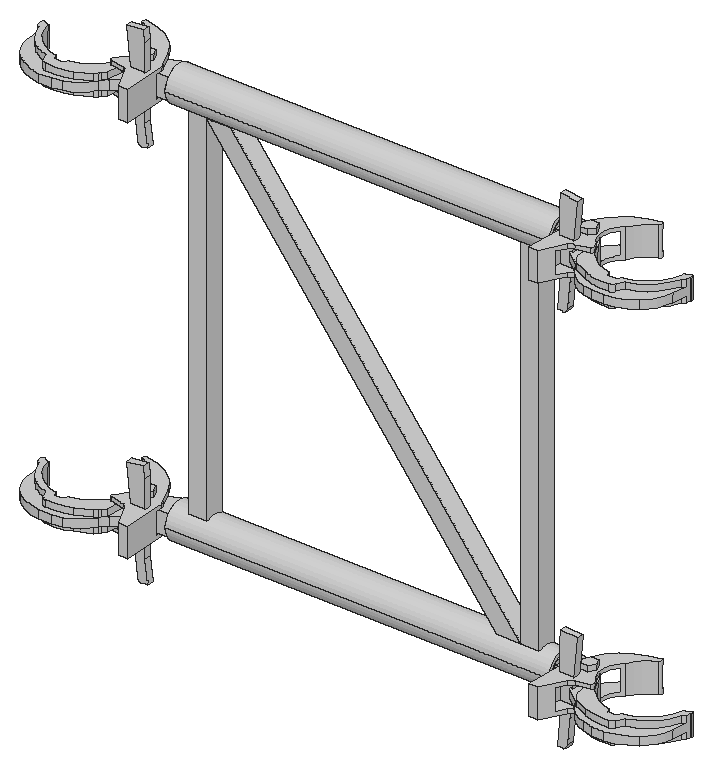
Revit family "EHL_BRACING FRAME 0,75_2220140", category Generic Models, Revit 2018
Family settings
  Can host rebar = No
  Round Connector Dimension = Use Diameter
  Part Type = Normal
  OmniClass Number = 35.51.14.00
  OmniClass Title = FORMWORK
  Work Plane-Based = Yes
  Always vertical = No
  Cut with Voids When Loaded = No
  Shared = Yes
  Room Calculation Point = No
Parameters
  VERSION = "20190101"  # constant formula
  URL = "www.ulmaconstruction.com/en"
  UNICLASS = ""
  ITEM_CODE = "2220140"
  Manufacturer = "ULMA CONSTRUCTION"  # constant formula
  FILTER [instance] = ""
  Default Elevation = 0.000 mm
  CLASSIFICATION_TITLE = ""
  CLASSIFICATION_NUMBER = ""
Reference planes
  plane 1 "Centro (Frontal/Posterior)": y = 0
  plane 2: z = 0
  plane 3 "Centro (Izquierda/Derecha)": x = 0
  plane 4 "SECOND HOOK": z = -530
  plane 5 "ITEM_LENGTH": x = 750
Forms (mm)
  Extrusion 1, solid, material "ULMA ZINC", detail levels fine
    sketch origin (0, 0, 0) x (0, 1, 0) y (0, 0, 1)
      loop
        circle (0, 0) r 21.25
    from 112.779 to 131.962
  Extrusion 2, solid, material "ULMA ZINC", detail levels fine
    sketch origin (0, 0, 0) x (1, 0, 0) y (0, 1, 0)
      loop
        arc (-9.415, -54.949) -> (-39.125, -39.715) -> (-54.802, -10.236) r 55.75
        arc (-54.802, -10.236) -> (-55.276, -9.18) -> (-56.181, -8.458) r 2.46
        line (-56.181, -8.458) -> (-62.543, -5.491)
        arc (-62.543, -5.491) -> (-65.221, -5.854) -> (-66.004, -8.441) r 2.5
        line (-66.004, -8.441) -> (-65.503, -10.204) -> (-62.722, -35.861)
        arc (-62.722, -35.861) -> (-56.857, -54.21) -> (-44.498, -68.985) r 50.058
        arc (-44.498, -68.985) -> (-27.276, -79.37) -> (-7.835, -84.52) r 71.127
        line (-7.835, -84.52) -> (9.041, -84.52)
        arc (9.041, -84.52) -> (15.444, -83.458) -> (21.727, -81.83) r 72.924
        arc (21.727, -81.83) -> (38.94, -72.801) -> (51.518, -57.981) r 50.939
        arc (51.518, -57.981) -> (54.926, -53.297) -> (59.315, -49.519) r 25
        arc (59.315, -49.519) -> (69.169, -42.343) -> (78.5, -34.5) r 175.396
        line (78.5, -34.5) -> (79.668, -21.151)
        arc (79.668, -21.151) -> (80.95, -18.551) -> (83.653, -17.5) r 4
        line (83.653, -17.5) -> (112.779, -17.5) -> (112.779, 21) -> (110, 21) -> (80.183, 8.953)
        arc (80.183, 8.953) -> (63.164, -2.449) -> (52.146, -19.72) r 50
        arc (52.146, -19.72) -> (46.491, -30.767) -> (38.533, -40.29) r 55.75
        arc (38.533, -40.29) -> (25.075, -49.793) -> (9.427, -54.947) r 55.75
        arc (9.427, -54.947) -> (8.551, -55.329) -> (7.953, -56.073) r 2
        line (7.953, -56.073) -> (6.194, -59.845)
        arc (6.194, -59.845) -> (5.456, -60.687) -> (4.381, -61) r 2
        line (4.381, -61) -> (-4.381, -61)
        arc (-4.381, -61) -> (-5.456, -60.687) -> (-6.194, -59.845) r 2
        line (-6.194, -59.845) -> (-7.952, -56.075)
        spline (-7.952, -56.075) -> (-8.025, -55.934) -> (-8.109, -55.798) -> (-8.204, -55.67) -> (-8.309, -55.55) -> (-8.423, -55.439) -> (-8.546, -55.337) -> (-8.677, -55.246) -> (-8.814, -55.165) -> (-8.958, -55.096) -> (-9.107, -55.038) -> (-9.26, -54.992) -> (-9.415, -54.949)
      loop
        circle (75, -5) r 5.25
    from -14.2 to 14.2
  Extrusion 3, void
    sketch origin (0, 0, 0) x (0, -1, 0) y (0, 0, -1)
      loop
        arc (-9.288, -8.299) -> (-6.038, -6.696) -> (-4.724, -3.318) r 5
        line (-4.724, -3.318) -> (-4.724, 3.318)
        arc (-4.724, 3.318) -> (-6.038, 6.696) -> (-9.288, 8.299) r 5
        line (-9.288, 8.299) -> (-24, 9.586) -> (-24, -9.586) -> (-9.288, -8.299)
    from 69.04 to 137.016
  Extrusion 4, void
    sketch origin (0, 0, 0) x (1, 0, 0) y (0, 1, 0)
      loop
        arc (-17.172, -61.068) -> (-43.879, -45.835) -> (-60.07, -19.699) r 62.406
        line (-60.07, -19.699) -> (-66.013, -14.348) -> (-66.013, -86.27) -> (80.89, -86.27) -> (80.89, -20.894)
        arc (80.89, -20.894) -> (73.161, -21.045) -> (65.431, -21.139) r 1055.933
        arc (65.431, -21.139) -> (61.807, -25.128) -> (58.331, -29.248) r 147.622
        line (58.331, -29.248) -> (56.547, -48.914)
        arc (56.547, -48.914) -> (54.986, -51.483) -> (53.221, -53.917) r 36.931
        line (53.221, -53.917) -> (50.918, -56.844) -> (47.592, -60.536)
        arc (47.592, -60.536) -> (37.876, -65.558) -> (27.858, -69.948) r 170.736
        arc (27.858, -69.948) -> (11.017, -74.507) -> (-6.42, -75.069) r 75.203
        arc (-6.42, -75.069) -> (-10.277, -73.661) -> (-12.897, -70.501) r 7.858
        arc (-12.897, -70.501) -> (-15.044, -65.777) -> (-17.172, -61.068) r 2222.639
    from 5.6 to 14.2
  Extrusion 5, void
    sketch origin (0, 0, -35) x (1, 0, 0) y (0, 1, 0)
      loop
        arc (-17.172, -61.068) -> (-43.879, -45.835) -> (-60.07, -19.699) r 62.406
        line (-60.07, -19.699) -> (-66.013, -14.348) -> (-66.013, -86.27) -> (80.89, -86.27) -> (80.89, -20.894)
        arc (80.89, -20.894) -> (73.161, -21.045) -> (65.431, -21.139) r 1055.933
        arc (65.431, -21.139) -> (61.807, -25.128) -> (58.331, -29.248) r 147.622
        line (58.331, -29.248) -> (56.547, -48.914)
        arc (56.547, -48.914) -> (54.986, -51.483) -> (53.221, -53.917) r 36.931
        line (53.221, -53.917) -> (50.918, -56.844) -> (47.592, -60.536)
        arc (47.592, -60.536) -> (37.876, -65.558) -> (27.858, -69.948) r 170.736
        arc (27.858, -69.948) -> (11.017, -74.507) -> (-6.42, -75.069) r 75.203
        arc (-6.42, -75.069) -> (-10.277, -73.661) -> (-12.897, -70.501) r 7.858
        arc (-12.897, -70.501) -> (-15.044, -65.777) -> (-17.172, -61.068) r 2222.639
    from 20.8 to 29.4
  Extrusion 6, solid, material "ULMA ZINC", detail levels fine
    sketch origin (0, 0, 0) x (1, 0, 0) y (0, 1, 0)
      loop
        arc (88.479, 13.391) -> (63.063, 42.619) -> (26.896, 56.482) r 80
        arc (26.896, 56.482) -> (23.121, 54.016) -> (24.908, 49.876) r 3.5
        arc (24.908, 49.876) -> (39.309, 39.533) -> (49.734, 25.19) r 55.75
        arc (49.734, 25.19) -> (61.962, 1.553) -> (52.083, -23.159) r 32
        arc (52.083, -23.159) -> (50.416, -26.594) -> (48.522, -29.91) r 57
        arc (48.522, -29.91) -> (48.319, -32.667) -> (50.457, -34.42) r 3
        line (50.457, -34.42) -> (68.517, -38.23)
        arc (68.517, -38.23) -> (72.482, -40.036) -> (75.302, -43.357) r 10
        line (75.302, -43.357) -> (90.904, -73) -> (103.699, -73) -> (100.509, -12.123)
        arc (100.509, -12.123) -> (100.181, -10.058) -> (99.432, -8.106) r 10
        line (99.432, -8.106) -> (88.479, 13.391)
    from -19.75 to 19.75
  Extrusion 7, void
    sketch origin (0, 0, 0) x (1, 0, 0) y (0, 1, 0)
      loop
        arc (53.518, 21.701) -> (61.984, -1.023) -> (52.083, -23.159) r 32
        arc (52.083, -23.159) -> (50.416, -26.594) -> (48.522, -29.91) r 57
        arc (48.522, -29.91) -> (48.319, -32.667) -> (50.457, -34.42) r 3
        line (50.457, -34.42) -> (68.517, -38.23)
        arc (68.517, -38.23) -> (72.482, -40.036) -> (75.302, -43.357) r 10
        line (75.302, -43.357) -> (81.718, -55.548) -> (94, -55.548) -> (94, -23) -> (101.079, -23) -> (100.509, -12.123)
        arc (100.509, -12.123) -> (100.181, -10.058) -> (99.432, -8.106) r 10
        line (99.432, -8.106) -> (88.479, 13.391)
        arc (88.479, 13.391) -> (63.063, 42.619) -> (26.896, 56.482) r 80
        arc (26.896, 56.482) -> (24.143, 55.62) -> (22.972, 52.984) r 3.5
        arc (22.972, 52.984) -> (24.396, 52.344) -> (25.802, 51.665) r 57.75
        arc (25.802, 51.665) -> (42.395, 39.213) -> (53.518, 21.701) r 57.75
    from -14.75 to 14.75
  Extrusion 8, solid, material "ULMA ZINC", detail levels fine
    sketch origin (0, 0, 0) x (1, 0, 0) y (0, 0, 1)
      loop
        line (69.566, 68.569) -> (83.484, -66.214)
        arc (83.484, -66.214) -> (85.85, -70.589) -> (90.616, -72.011) r 6.499
        line (90.616, -72.011) -> (97.081, -71.344) -> (93.997, -41.477) -> (93.997, 55.885) -> (92.444, 70.931) -> (69.566, 68.569)
    from 23.25 to 31.75
  Extrusion 9, solid, material "ULMA ZINC", detail levels fine
    sketch origin (0, 0, 0) x (1, 0, 0) y (0, 1, 0)
      loop
        line (70.093, 3.5) -> (65.185, -5) -> (70.093, -13.5) -> (79.907, -13.5) -> (84.815, -5) -> (79.907, 3.5) -> (70.093, 3.5)
    from 19.75 to 26.75
  Extrusion 10, solid, material "ULMA ZINC", detail levels fine
    sketch origin (0, 0, -46.5) x (1, 0, 0) y (0, 1, 0)
      loop
        line (70.093, 3.5) -> (65.185, -5) -> (70.093, -13.5) -> (79.907, -13.5) -> (84.815, -5) -> (79.907, 3.5) -> (70.093, 3.5)
    from 19.75 to 26.75
  Extrusion 11, solid, material "ULMA ZINC", detail levels fine
    sketch origin (750, 0, 0) x (0, 1, 0) y (0, 0, -1)
      loop
        circle (0, 0) r 21.25
    from 112.779 to 131.962
  Extrusion 12, solid, material "ULMA ZINC", detail levels fine
    sketch origin (750, 0, 0) x (-1, 0, 0) y (0, -1, 0)
      loop
        spline (-9.415, 54.949) -> (-9.26, 54.992) -> (-9.107, 55.038) -> (-8.958, 55.096) -> (-8.814, 55.165) -> (-8.677, 55.246) -> (-8.546, 55.337) -> (-8.423, 55.439) -> (-8.309, 55.55) -> (-8.204, 55.67) -> (-8.109, 55.798) -> (-8.025, 55.934) -> (-7.952, 56.075)
        line (-7.952, 56.075) -> (-6.194, 59.845)
        arc (-6.194, 59.845) -> (-5.456, 60.687) -> (-4.381, 61) r 2
        line (-4.381, 61) -> (4.381, 61)
        arc (4.381, 61) -> (5.456, 60.687) -> (6.194, 59.845) r 2
        line (6.194, 59.845) -> (7.953, 56.073)
        arc (7.953, 56.073) -> (8.551, 55.329) -> (9.427, 54.947) r 2
        arc (9.427, 54.947) -> (25.075, 49.793) -> (38.533, 40.29) r 55.75
        arc (38.533, 40.29) -> (46.491, 30.767) -> (52.146, 19.72) r 55.75
        arc (52.146, 19.72) -> (63.164, 2.449) -> (80.183, -8.953) r 50
        line (80.183, -8.953) -> (110, -21) -> (112.779, -21) -> (112.779, 17.5) -> (83.653, 17.5)
        arc (83.653, 17.5) -> (80.95, 18.551) -> (79.668, 21.151) r 4
        line (79.668, 21.151) -> (78.5, 34.5)
        arc (78.5, 34.5) -> (69.169, 42.343) -> (59.315, 49.519) r 175.396
        arc (59.315, 49.519) -> (54.926, 53.297) -> (51.518, 57.981) r 25
        arc (51.518, 57.981) -> (38.94, 72.801) -> (21.727, 81.83) r 50.939
        arc (21.727, 81.83) -> (15.444, 83.458) -> (9.041, 84.52) r 72.924
        line (9.041, 84.52) -> (-7.835, 84.52)
        arc (-7.835, 84.52) -> (-27.276, 79.37) -> (-44.498, 68.985) r 71.127
        arc (-44.498, 68.985) -> (-56.857, 54.21) -> (-62.722, 35.861) r 50.058
        line (-62.722, 35.861) -> (-65.503, 10.204) -> (-66.004, 8.441)
        arc (-66.004, 8.441) -> (-65.221, 5.854) -> (-62.543, 5.491) r 2.5
        line (-62.543, 5.491) -> (-56.181, 8.458)
        arc (-56.181, 8.458) -> (-55.276, 9.18) -> (-54.802, 10.236) r 2.46
        arc (-54.802, 10.236) -> (-39.125, 39.715) -> (-9.415, 54.949) r 55.75
      loop
        circle (75, 5) r 5.25
    from -14.2 to 14.2
  Extrusion 13, void
    sketch origin (750, 0, 0) x (0, -1, 0) y (0, 0, 1)
      loop
        line (-9.288, 8.299) -> (-24, 9.586) -> (-24, -9.586) -> (-9.288, -8.299)
        arc (-9.288, -8.299) -> (-6.038, -6.696) -> (-4.724, -3.318) r 5
        line (-4.724, -3.318) -> (-4.724, 3.318)
        arc (-4.724, 3.318) -> (-6.038, 6.696) -> (-9.288, 8.299) r 5
    from 69.04 to 137.016
  Extrusion 14, void
    sketch origin (750, 0, -35) x (-1, 0, 0) y (0, -1, 0)
      loop
        arc (-17.172, 61.068) -> (-15.044, 65.777) -> (-12.897, 70.501) r 2222.639
        arc (-12.897, 70.501) -> (-10.277, 73.661) -> (-6.42, 75.069) r 7.858
        arc (-6.42, 75.069) -> (11.017, 74.507) -> (27.858, 69.948) r 75.203
        arc (27.858, 69.948) -> (37.876, 65.558) -> (47.592, 60.536) r 170.736
        line (47.592, 60.536) -> (50.918, 56.844) -> (53.221, 53.917)
        arc (53.221, 53.917) -> (54.986, 51.483) -> (56.547, 48.914) r 36.931
        line (56.547, 48.914) -> (58.331, 29.248)
        arc (58.331, 29.248) -> (61.807, 25.128) -> (65.431, 21.139) r 147.622
        arc (65.431, 21.139) -> (73.161, 21.045) -> (80.89, 20.894) r 1055.933
        line (80.89, 20.894) -> (80.89, 86.27) -> (-66.013, 86.27) -> (-66.013, 14.348) -> (-60.07, 19.699)
        arc (-60.07, 19.699) -> (-43.879, 45.835) -> (-17.172, 61.068) r 62.406
    from 20.8 to 29.4
  Extrusion 15, solid, material "ULMA ZINC", detail levels fine
    sketch origin (750, 0, 0) x (-1, 0, 0) y (0, -1, 0)
      loop
        line (88.479, -13.391) -> (99.432, 8.106)
        arc (99.432, 8.106) -> (100.181, 10.058) -> (100.509, 12.123) r 10
        line (100.509, 12.123) -> (103.699, 73) -> (90.904, 73) -> (75.302, 43.357)
        arc (75.302, 43.357) -> (72.482, 40.036) -> (68.517, 38.23) r 10
        line (68.517, 38.23) -> (50.457, 34.42)
        arc (50.457, 34.42) -> (48.319, 32.667) -> (48.522, 29.91) r 3
        arc (48.522, 29.91) -> (50.416, 26.594) -> (52.083, 23.159) r 57
        arc (52.083, 23.159) -> (61.962, -1.553) -> (49.734, -25.19) r 32
        arc (49.734, -25.19) -> (39.309, -39.533) -> (24.908, -49.876) r 55.75
        arc (24.908, -49.876) -> (23.121, -54.016) -> (26.896, -56.482) r 3.5
        arc (26.896, -56.482) -> (63.063, -42.619) -> (88.479, -13.391) r 80
    from -19.75 to 19.75
  Extrusion 16, void
    sketch origin (750, 0, 0) x (-1, 0, 0) y (0, -1, 0)
      loop
        arc (53.518, -21.701) -> (42.395, -39.213) -> (25.802, -51.665) r 57.75
        arc (25.802, -51.665) -> (24.396, -52.344) -> (22.972, -52.984) r 57.75
        arc (22.972, -52.984) -> (24.143, -55.62) -> (26.896, -56.482) r 3.5
        arc (26.896, -56.482) -> (63.063, -42.619) -> (88.479, -13.391) r 80
        line (88.479, -13.391) -> (99.432, 8.106)
        arc (99.432, 8.106) -> (100.181, 10.058) -> (100.509, 12.123) r 10
        line (100.509, 12.123) -> (101.079, 23) -> (94, 23) -> (94, 55.548) -> (81.718, 55.548) -> (75.302, 43.357)
        arc (75.302, 43.357) -> (72.482, 40.036) -> (68.517, 38.23) r 10
        line (68.517, 38.23) -> (50.457, 34.42)
        arc (50.457, 34.42) -> (48.319, 32.667) -> (48.522, 29.91) r 3
        arc (48.522, 29.91) -> (50.416, 26.594) -> (52.083, 23.159) r 57
        arc (52.083, 23.159) -> (61.984, 1.023) -> (53.518, -21.701) r 32
    from -14.75 to 14.75
  Extrusion 17, solid, material "ULMA ZINC", detail levels fine
    sketch origin (750, 0, 0) x (-1, 0, 0) y (0, 0, -1)
      loop
        line (69.566, -68.569) -> (92.444, -70.931) -> (93.997, -55.885) -> (93.997, 41.477) -> (97.081, 71.344) -> (90.616, 72.011)
        arc (90.616, 72.011) -> (85.85, 70.589) -> (83.484, 66.214) r 6.499
        line (83.484, 66.214) -> (69.566, -68.569)
    from 23.25 to 31.75
  Extrusion 18, solid, material "ULMA ZINC", detail levels fine
    sketch origin (750, 0, 0) x (-1, 0, 0) y (0, -1, 0)
      loop
        line (70.093, -3.5) -> (79.907, -3.5) -> (84.815, 5) -> (79.907, 13.5) -> (70.093, 13.5) -> (65.185, 5) -> (70.093, -3.5)
    from 19.75 to 26.75
  Extrusion 19, void
    sketch origin (750, 0, -15.2) x (-1, 0, 0) y (0, -1, 0)
      loop
        arc (-17.172, 61.068) -> (-15.044, 65.777) -> (-12.897, 70.501) r 2222.639
        arc (-12.897, 70.501) -> (-10.277, 73.661) -> (-6.42, 75.069) r 7.858
        arc (-6.42, 75.069) -> (11.017, 74.507) -> (27.858, 69.948) r 75.203
        arc (27.858, 69.948) -> (37.876, 65.558) -> (47.592, 60.536) r 170.736
        line (47.592, 60.536) -> (50.918, 56.844) -> (53.221, 53.917)
        arc (53.221, 53.917) -> (54.986, 51.483) -> (56.547, 48.914) r 36.931
        line (56.547, 48.914) -> (58.331, 29.248)
        arc (58.331, 29.248) -> (61.807, 25.128) -> (65.431, 21.139) r 147.622
        arc (65.431, 21.139) -> (73.161, 21.045) -> (80.89, 20.894) r 1055.933
        line (80.89, 20.894) -> (80.89, 86.27) -> (-66.013, 86.27) -> (-66.013, 14.348) -> (-60.07, 19.699)
        arc (-60.07, 19.699) -> (-43.879, 45.835) -> (-17.172, 61.068) r 62.406
    from 20.8 to 29.4
  Extrusion 20, solid, material "ULMA ZINC", detail levels fine
    sketch origin (0, 0, -530) x (0, 1, 0) y (0, 0, 1)
      loop
        circle (0, 0) r 21.25
    from 112.779 to 131.962
  Extrusion 21, solid, material "ULMA ZINC", detail levels fine
    sketch origin (0, 0, -530) x (1, 0, 0) y (0, 1, 0)
      loop
        arc (-9.415, -54.949) -> (-39.125, -39.715) -> (-54.802, -10.236) r 55.75
        arc (-54.802, -10.236) -> (-55.276, -9.18) -> (-56.181, -8.458) r 2.46
        line (-56.181, -8.458) -> (-62.543, -5.491)
        arc (-62.543, -5.491) -> (-65.221, -5.854) -> (-66.004, -8.441) r 2.5
        line (-66.004, -8.441) -> (-65.503, -10.204) -> (-62.722, -35.861)
        arc (-62.722, -35.861) -> (-56.857, -54.21) -> (-44.498, -68.985) r 50.058
        arc (-44.498, -68.985) -> (-27.276, -79.37) -> (-7.835, -84.52) r 71.127
        line (-7.835, -84.52) -> (9.041, -84.52)
        arc (9.041, -84.52) -> (15.444, -83.458) -> (21.727, -81.83) r 72.924
        arc (21.727, -81.83) -> (38.94, -72.801) -> (51.518, -57.981) r 50.939
        arc (51.518, -57.981) -> (54.926, -53.297) -> (59.315, -49.519) r 25
        arc (59.315, -49.519) -> (69.169, -42.343) -> (78.5, -34.5) r 175.396
        line (78.5, -34.5) -> (79.668, -21.151)
        arc (79.668, -21.151) -> (80.95, -18.551) -> (83.653, -17.5) r 4
        line (83.653, -17.5) -> (112.779, -17.5) -> (112.779, 21) -> (110, 21) -> (80.183, 8.953)
        arc (80.183, 8.953) -> (63.164, -2.449) -> (52.146, -19.72) r 50
        arc (52.146, -19.72) -> (46.491, -30.767) -> (38.533, -40.29) r 55.75
        arc (38.533, -40.29) -> (25.075, -49.793) -> (9.427, -54.947) r 55.75
        arc (9.427, -54.947) -> (8.551, -55.329) -> (7.953, -56.073) r 2
        line (7.953, -56.073) -> (6.194, -59.845)
        arc (6.194, -59.845) -> (5.456, -60.687) -> (4.381, -61) r 2
        line (4.381, -61) -> (-4.381, -61)
        arc (-4.381, -61) -> (-5.456, -60.687) -> (-6.194, -59.845) r 2
        line (-6.194, -59.845) -> (-7.952, -56.075)
        spline (-7.952, -56.075) -> (-8.025, -55.934) -> (-8.109, -55.798) -> (-8.204, -55.67) -> (-8.309, -55.55) -> (-8.423, -55.439) -> (-8.546, -55.337) -> (-8.677, -55.246) -> (-8.814, -55.165) -> (-8.958, -55.096) -> (-9.107, -55.038) -> (-9.26, -54.992) -> (-9.415, -54.949)
      loop
        circle (75, -5) r 5.25
    from -14.2 to 14.2
  Extrusion 22, void
    sketch origin (0, 0, -530) x (0, -1, 0) y (0, 0, -1)
      loop
        arc (-9.288, -8.299) -> (-6.038, -6.696) -> (-4.724, -3.318) r 5
        line (-4.724, -3.318) -> (-4.724, 3.318)
        arc (-4.724, 3.318) -> (-6.038, 6.696) -> (-9.288, 8.299) r 5
        line (-9.288, 8.299) -> (-24, 9.586) -> (-24, -9.586) -> (-9.288, -8.299)
    from 69.04 to 137.016
  Extrusion 23, void
    sketch origin (0, 0, -565) x (1, 0, 0) y (0, 1, 0)
      loop
        arc (-17.172, -61.068) -> (-43.879, -45.835) -> (-60.07, -19.699) r 62.406
        line (-60.07, -19.699) -> (-66.013, -14.348) -> (-66.013, -86.27) -> (80.89, -86.27) -> (80.89, -20.894)
        arc (80.89, -20.894) -> (73.161, -21.045) -> (65.431, -21.139) r 1055.933
        arc (65.431, -21.139) -> (61.807, -25.128) -> (58.331, -29.248) r 147.622
        line (58.331, -29.248) -> (56.547, -48.914)
        arc (56.547, -48.914) -> (54.986, -51.483) -> (53.221, -53.917) r 36.931
        line (53.221, -53.917) -> (50.918, -56.844) -> (47.592, -60.536)
        arc (47.592, -60.536) -> (37.876, -65.558) -> (27.858, -69.948) r 170.736
        arc (27.858, -69.948) -> (11.017, -74.507) -> (-6.42, -75.069) r 75.203
        arc (-6.42, -75.069) -> (-10.277, -73.661) -> (-12.897, -70.501) r 7.858
        arc (-12.897, -70.501) -> (-15.044, -65.777) -> (-17.172, -61.068) r 2222.639
    from 20.8 to 29.4
  Extrusion 24, solid, material "ULMA ZINC", detail levels fine
    sketch origin (0, 0, -530) x (1, 0, 0) y (0, 1, 0)
      loop
        arc (88.479, 13.391) -> (63.063, 42.619) -> (26.896, 56.482) r 80
        arc (26.896, 56.482) -> (23.121, 54.016) -> (24.908, 49.876) r 3.5
        arc (24.908, 49.876) -> (39.309, 39.533) -> (49.734, 25.19) r 55.75
        arc (49.734, 25.19) -> (61.962, 1.553) -> (52.083, -23.159) r 32
        arc (52.083, -23.159) -> (50.416, -26.594) -> (48.522, -29.91) r 57
        arc (48.522, -29.91) -> (48.319, -32.667) -> (50.457, -34.42) r 3
        line (50.457, -34.42) -> (68.517, -38.23)
        arc (68.517, -38.23) -> (72.482, -40.036) -> (75.302, -43.357) r 10
        line (75.302, -43.357) -> (90.904, -73) -> (103.699, -73) -> (100.509, -12.123)
        arc (100.509, -12.123) -> (100.181, -10.058) -> (99.432, -8.106) r 10
        line (99.432, -8.106) -> (88.479, 13.391)
    from -19.75 to 19.75
  Extrusion 25, void
    sketch origin (0, 0, -530) x (1, 0, 0) y (0, 1, 0)
      loop
        arc (53.518, 21.701) -> (61.984, -1.023) -> (52.083, -23.159) r 32
        arc (52.083, -23.159) -> (50.416, -26.594) -> (48.522, -29.91) r 57
        arc (48.522, -29.91) -> (48.319, -32.667) -> (50.457, -34.42) r 3
        line (50.457, -34.42) -> (68.517, -38.23)
        arc (68.517, -38.23) -> (72.482, -40.036) -> (75.302, -43.357) r 10
        line (75.302, -43.357) -> (81.718, -55.548) -> (94, -55.548) -> (94, -23) -> (101.079, -23) -> (100.509, -12.123)
        arc (100.509, -12.123) -> (100.181, -10.058) -> (99.432, -8.106) r 10
        line (99.432, -8.106) -> (88.479, 13.391)
        arc (88.479, 13.391) -> (63.063, 42.619) -> (26.896, 56.482) r 80
        arc (26.896, 56.482) -> (24.143, 55.62) -> (22.972, 52.984) r 3.5
        arc (22.972, 52.984) -> (24.396, 52.344) -> (25.802, 51.665) r 57.75
        arc (25.802, 51.665) -> (42.395, 39.213) -> (53.518, 21.701) r 57.75
    from -14.75 to 14.75
  Extrusion 26, solid, material "ULMA ZINC", detail levels fine
    sketch origin (0, 0, -530) x (1, 0, 0) y (0, 0, 1)
      loop
        line (69.566, 68.569) -> (83.484, -66.214)
        arc (83.484, -66.214) -> (85.85, -70.589) -> (90.616, -72.011) r 6.499
        line (90.616, -72.011) -> (97.081, -71.344) -> (93.997, -41.477) -> (93.997, 55.885) -> (92.444, 70.931) -> (69.566, 68.569)
    from 23.25 to 31.75
  Extrusion 27, solid, material "ULMA ZINC", detail levels fine
    sketch origin (0, 0, -530) x (1, 0, 0) y (0, 1, 0)
      loop
        line (70.093, 3.5) -> (65.185, -5) -> (70.093, -13.5) -> (79.907, -13.5) -> (84.815, -5) -> (79.907, 3.5) -> (70.093, 3.5)
    from 19.75 to 26.75
  Extrusion 28, solid, material "ULMA ZINC", detail levels fine
    sketch origin (0, 0, -576.5) x (1, 0, 0) y (0, 1, 0)
      loop
        line (70.093, 3.5) -> (65.185, -5) -> (70.093, -13.5) -> (79.907, -13.5) -> (84.815, -5) -> (79.907, 3.5) -> (70.093, 3.5)
    from 19.75 to 26.75
  Extrusion 29, solid, material "ULMA ZINC", detail levels fine
    sketch origin (750, 0, -530) x (0, 1, 0) y (0, 0, -1)
      loop
        circle (0, 0) r 21.25
    from 112.779 to 131.962
  Extrusion 30, solid, material "ULMA ZINC", detail levels fine
    sketch origin (750, 0, -530) x (-1, 0, 0) y (0, -1, 0)
      loop
        spline (-9.415, 54.949) -> (-9.26, 54.992) -> (-9.107, 55.038) -> (-8.958, 55.096) -> (-8.814, 55.165) -> (-8.677, 55.246) -> (-8.546, 55.337) -> (-8.423, 55.439) -> (-8.309, 55.55) -> (-8.204, 55.67) -> (-8.109, 55.798) -> (-8.025, 55.934) -> (-7.952, 56.075)
        line (-7.952, 56.075) -> (-6.194, 59.845)
        arc (-6.194, 59.845) -> (-5.456, 60.687) -> (-4.381, 61) r 2
        line (-4.381, 61) -> (4.381, 61)
        arc (4.381, 61) -> (5.456, 60.687) -> (6.194, 59.845) r 2
        line (6.194, 59.845) -> (7.953, 56.073)
        arc (7.953, 56.073) -> (8.551, 55.329) -> (9.427, 54.947) r 2
        arc (9.427, 54.947) -> (25.075, 49.793) -> (38.533, 40.29) r 55.75
        arc (38.533, 40.29) -> (46.491, 30.767) -> (52.146, 19.72) r 55.75
        arc (52.146, 19.72) -> (63.164, 2.449) -> (80.183, -8.953) r 50
        line (80.183, -8.953) -> (110, -21) -> (112.779, -21) -> (112.779, 17.5) -> (83.653, 17.5)
        arc (83.653, 17.5) -> (80.95, 18.551) -> (79.668, 21.151) r 4
        line (79.668, 21.151) -> (78.5, 34.5)
        arc (78.5, 34.5) -> (69.169, 42.343) -> (59.315, 49.519) r 175.396
        arc (59.315, 49.519) -> (54.926, 53.297) -> (51.518, 57.981) r 25
        arc (51.518, 57.981) -> (38.94, 72.801) -> (21.727, 81.83) r 50.939
        arc (21.727, 81.83) -> (15.444, 83.458) -> (9.041, 84.52) r 72.924
        line (9.041, 84.52) -> (-7.835, 84.52)
        arc (-7.835, 84.52) -> (-27.276, 79.37) -> (-44.498, 68.985) r 71.127
        arc (-44.498, 68.985) -> (-56.857, 54.21) -> (-62.722, 35.861) r 50.058
        line (-62.722, 35.861) -> (-65.503, 10.204) -> (-66.004, 8.441)
        arc (-66.004, 8.441) -> (-65.221, 5.854) -> (-62.543, 5.491) r 2.5
        line (-62.543, 5.491) -> (-56.181, 8.458)
        arc (-56.181, 8.458) -> (-55.276, 9.18) -> (-54.802, 10.236) r 2.46
        arc (-54.802, 10.236) -> (-39.125, 39.715) -> (-9.415, 54.949) r 55.75
      loop
        circle (75, 5) r 5.25
    from -14.2 to 14.2
  Extrusion 31, void
    sketch origin (750, 0, -530) x (0, -1, 0) y (0, 0, 1)
      loop
        line (-9.288, 8.299) -> (-24, 9.586) -> (-24, -9.586) -> (-9.288, -8.299)
        arc (-9.288, -8.299) -> (-6.038, -6.696) -> (-4.724, -3.318) r 5
        line (-4.724, -3.318) -> (-4.724, 3.318)
        arc (-4.724, 3.318) -> (-6.038, 6.696) -> (-9.288, 8.299) r 5
    from 69.04 to 137.016
  Extrusion 32, void
    sketch origin (750, 0, -565) x (-1, 0, 0) y (0, -1, 0)
      loop
        arc (-17.172, 61.068) -> (-15.044, 65.777) -> (-12.897, 70.501) r 2222.639
        arc (-12.897, 70.501) -> (-10.277, 73.661) -> (-6.42, 75.069) r 7.858
        arc (-6.42, 75.069) -> (11.017, 74.507) -> (27.858, 69.948) r 75.203
        arc (27.858, 69.948) -> (37.876, 65.558) -> (47.592, 60.536) r 170.736
        line (47.592, 60.536) -> (50.918, 56.844) -> (53.221, 53.917)
        arc (53.221, 53.917) -> (54.986, 51.483) -> (56.547, 48.914) r 36.931
        line (56.547, 48.914) -> (58.331, 29.248)
        arc (58.331, 29.248) -> (61.807, 25.128) -> (65.431, 21.139) r 147.622
        arc (65.431, 21.139) -> (73.161, 21.045) -> (80.89, 20.894) r 1055.933
        line (80.89, 20.894) -> (80.89, 86.27) -> (-66.013, 86.27) -> (-66.013, 14.348) -> (-60.07, 19.699)
        arc (-60.07, 19.699) -> (-43.879, 45.835) -> (-17.172, 61.068) r 62.406
    from 20.8 to 29.4
  Extrusion 33, solid, material "ULMA ZINC", detail levels fine
    sketch origin (750, 0, -530) x (-1, 0, 0) y (0, -1, 0)
      loop
        line (88.479, -13.391) -> (99.432, 8.106)
        arc (99.432, 8.106) -> (100.181, 10.058) -> (100.509, 12.123) r 10
        line (100.509, 12.123) -> (103.699, 73) -> (90.904, 73) -> (75.302, 43.357)
        arc (75.302, 43.357) -> (72.482, 40.036) -> (68.517, 38.23) r 10
        line (68.517, 38.23) -> (50.457, 34.42)
        arc (50.457, 34.42) -> (48.319, 32.667) -> (48.522, 29.91) r 3
        arc (48.522, 29.91) -> (50.416, 26.594) -> (52.083, 23.159) r 57
        arc (52.083, 23.159) -> (61.962, -1.553) -> (49.734, -25.19) r 32
        arc (49.734, -25.19) -> (39.309, -39.533) -> (24.908, -49.876) r 55.75
        arc (24.908, -49.876) -> (23.121, -54.016) -> (26.896, -56.482) r 3.5
        arc (26.896, -56.482) -> (63.063, -42.619) -> (88.479, -13.391) r 80
    from -19.75 to 19.75
  Extrusion 34, void
    sketch origin (750, 0, -530) x (-1, 0, 0) y (0, -1, 0)
      loop
        arc (53.518, -21.701) -> (42.395, -39.213) -> (25.802, -51.665) r 57.75
        arc (25.802, -51.665) -> (24.396, -52.344) -> (22.972, -52.984) r 57.75
        arc (22.972, -52.984) -> (24.143, -55.62) -> (26.896, -56.482) r 3.5
        arc (26.896, -56.482) -> (63.063, -42.619) -> (88.479, -13.391) r 80
        line (88.479, -13.391) -> (99.432, 8.106)
        arc (99.432, 8.106) -> (100.181, 10.058) -> (100.509, 12.123) r 10
        line (100.509, 12.123) -> (101.079, 23) -> (94, 23) -> (94, 55.548) -> (81.718, 55.548) -> (75.302, 43.357)
        arc (75.302, 43.357) -> (72.482, 40.036) -> (68.517, 38.23) r 10
        line (68.517, 38.23) -> (50.457, 34.42)
        arc (50.457, 34.42) -> (48.319, 32.667) -> (48.522, 29.91) r 3
        arc (48.522, 29.91) -> (50.416, 26.594) -> (52.083, 23.159) r 57
        arc (52.083, 23.159) -> (61.984, 1.023) -> (53.518, -21.701) r 32
    from -14.75 to 14.75
  Extrusion 35, solid, material "ULMA ZINC", detail levels fine
    sketch origin (750, 0, -530) x (-1, 0, 0) y (0, 0, -1)
      loop
        line (69.566, -68.569) -> (92.444, -70.931) -> (93.997, -55.885) -> (93.997, 41.477) -> (97.081, 71.344) -> (90.616, 72.011)
        arc (90.616, 72.011) -> (85.85, 70.589) -> (83.484, 66.214) r 6.499
        line (83.484, 66.214) -> (69.566, -68.569)
    from 23.25 to 31.75
  Extrusion 36, solid, material "ULMA ZINC", detail levels fine
    sketch origin (750, 0, -530) x (-1, 0, 0) y (0, -1, 0)
      loop
        line (70.093, -3.5) -> (79.907, -3.5) -> (84.815, 5) -> (79.907, 13.5) -> (70.093, 13.5) -> (65.185, 5) -> (70.093, -3.5)
    from 19.75 to 26.75
  Extrusion 37, void
    sketch origin (750, 0, -545.2) x (-1, 0, 0) y (0, -1, 0)
      loop
        arc (-17.172, 61.068) -> (-15.044, 65.777) -> (-12.897, 70.501) r 2222.639
        arc (-12.897, 70.501) -> (-10.277, 73.661) -> (-6.42, 75.069) r 7.858
        arc (-6.42, 75.069) -> (11.017, 74.507) -> (27.858, 69.948) r 75.203
        arc (27.858, 69.948) -> (37.876, 65.558) -> (47.592, 60.536) r 170.736
        line (47.592, 60.536) -> (50.918, 56.844) -> (53.221, 53.917)
        arc (53.221, 53.917) -> (54.986, 51.483) -> (56.547, 48.914) r 36.931
        line (56.547, 48.914) -> (58.331, 29.248)
        arc (58.331, 29.248) -> (61.807, 25.128) -> (65.431, 21.139) r 147.622
        arc (65.431, 21.139) -> (73.161, 21.045) -> (80.89, 20.894) r 1055.933
        line (80.89, 20.894) -> (80.89, 86.27) -> (-66.013, 86.27) -> (-66.013, 14.348) -> (-60.07, 19.699)
        arc (-60.07, 19.699) -> (-43.879, 45.835) -> (-17.172, 61.068) r 62.406
    from 20.8 to 29.4
  Extrusion 38, void
    sketch origin (0, 0, -530) x (1, 0, 0) y (0, 1, 0)
      loop
        arc (-17.172, -61.068) -> (-43.879, -45.835) -> (-60.07, -19.699) r 62.406
        line (-60.07, -19.699) -> (-66.013, -14.348) -> (-66.013, -86.27) -> (80.89, -86.27) -> (80.89, -20.894)
        arc (80.89, -20.894) -> (73.161, -21.045) -> (65.431, -21.139) r 1055.933
        arc (65.431, -21.139) -> (61.807, -25.128) -> (58.331, -29.248) r 147.622
        line (58.331, -29.248) -> (56.547, -48.914)
        arc (56.547, -48.914) -> (54.986, -51.483) -> (53.221, -53.917) r 36.931
        line (53.221, -53.917) -> (50.918, -56.844) -> (47.592, -60.536)
        arc (47.592, -60.536) -> (37.876, -65.558) -> (27.858, -69.948) r 170.736
        arc (27.858, -69.948) -> (11.017, -74.507) -> (-6.42, -75.069) r 75.203
        arc (-6.42, -75.069) -> (-10.277, -73.661) -> (-12.897, -70.501) r 7.858
        arc (-12.897, -70.501) -> (-15.044, -65.777) -> (-17.172, -61.068) r 2222.639
    from 5.6 to 14.2
  Extrusion 39, solid, material "ULMA ZINC", detail levels medium+fine
    sketch origin (0, 0, 0) x (0, 1, 0) y (0, 0, 1)
      loop
        circle (0, 0) r 24
      loop
        circle (0, -530) r 24
    from 115 to 635
  Extrusion 40, solid, material "ULMA ZINC", detail levels medium+fine
    sketch origin (0, 0, 0) x (1, 0, 0) y (0, 1, 0)
      loop
        line (162.5, 12.5) -> (137.5, 12.5) -> (137.5, -12.5) -> (162.5, -12.5) -> (162.5, 12.5)
      loop
        line (612.498, 12.5) -> (587.498, 12.5) -> (587.498, -12.5) -> (612.498, -12.5) -> (612.498, 12.5)
    from -509.429 to -20.571
  Extrusion 41, solid, material "ULMA ZINC", detail levels medium+fine
    sketch origin (0, 0, 0) x (1, 0, 0) y (0, 0, 1)
      loop
        line (555.376, -508.921) -> (587.474, -508.921) -> (194.624, -21.063) -> (162.526, -21.063) -> (555.376, -508.921)
    from -12.5 to 12.5
  Extrusion 42, solid, material "ULMA ZINC", detail levels fine
    sketch origin (750, 0, -46.5) x (-1, 0, 0) y (0, -1, 0)
      loop
        line (70.093, -3.5) -> (79.907, -3.5) -> (84.815, 5) -> (79.907, 13.5) -> (70.093, 13.5) -> (65.185, 5) -> (70.093, -3.5)
    from 19.75 to 26.75
  Extrusion 43, solid, material "ULMA ZINC", detail levels fine
    sketch origin (750, 0, -576.5) x (-1, 0, 0) y (0, -1, 0)
      loop
        line (70.093, -3.5) -> (79.907, -3.5) -> (84.815, 5) -> (79.907, 13.5) -> (70.093, 13.5) -> (65.185, 5) -> (70.093, -3.5)
    from 19.75 to 26.75
  Extrusion 44, solid, material "ULMA ZINC", detail levels medium
    sketch origin (0, 0, 0) x (1, 0, 0) y (0, 1, 0)
      loop
        line (-65, 85) -> (-65, -85) -> (115, -85) -> (115, 85) -> (-65, 85)
    from -14.2 to 14.2
  Extrusion 45, solid, material "ULMA ZINC", detail levels medium
    sketch origin (0, 0, 0) x (1, 0, 0) y (0, 1, 0)
      loop
        line (635, 85) -> (635, -85) -> (815, -85) -> (815, 85) -> (635, 85)
    from -14.2 to 14.2
  Extrusion 46, solid, material "ULMA ZINC", detail levels medium
    sketch origin (0, 0, -530) x (1, 0, 0) y (0, 1, 0)
      loop
        line (-65, 85) -> (-65, -85) -> (115, -85) -> (115, 85) -> (-65, 85)
    from -14.2 to 14.2
  Extrusion 47, solid, material "ULMA ZINC", detail levels medium
    sketch origin (0, 0, -530) x (1, 0, 0) y (0, 1, 0)
      loop
        line (635, 85) -> (635, -85) -> (815, -85) -> (815, 85) -> (635, 85)
    from -14.2 to 14.2
Cuts and joins
  Extrusion 3, Extrusion 13, Extrusion 22 cuts Extrusion 1
  Extrusion 3, Extrusion 4, Extrusion 5, Extrusion 13, Extrusion 16, Extrusion 22, Extrusion 25 cuts Extrusion 2
  Extrusion 7, Extrusion 16, Extrusion 25 cuts Extrusion 6
  Extrusion 13, Extrusion 31 cuts Extrusion 11
  Extrusion 13, Extrusion 14, Extrusion 19, Extrusion 31, Extrusion 34 cuts Extrusion 12
  Extrusion 13, Extrusion 16, Extrusion 34 cuts Extrusion 15
  Extrusion 23, Extrusion 25, Extrusion 38 cuts Extrusion 8
  Extrusion 32, Extrusion 34, Extrusion 37 cuts Extrusion 17
  Extrusion 22 cuts Extrusion 20
  Extrusion 22, Extrusion 23, Extrusion 38 cuts Extrusion 21
  Extrusion 22, Extrusion 25 cuts Extrusion 24
  Extrusion 31 cuts Extrusion 29
  Extrusion 31, Extrusion 32, Extrusion 37 cuts Extrusion 30
  Extrusion 31, Extrusion 34 cuts Extrusion 33
Lines and regions (mm)
  model lines, style "ULMA BRACING", detail levels coarse
    curve 1: line (0, 0, 0) -> (750, 0, 0)
    curve 2: line (0, 0, -530) -> (750, 0, -530)
    curve 3: line (150, 0, 0) -> (150, 0, -530)
    curve 4: line (599.998, 0, -530) -> (599.998, 0, 0)
    curve 5: line (599.998, 0, -530) -> (150, 0, 0)
Dimensions and locks
  locked: plane 2 to plane 4 "SECOND HOOK" at 530
  locked: plane 5 "ITEM_LENGTH" to plane 3 "Centro (Izquierda/Derecha)" at 750
  aligned and locked: level to plane 2
